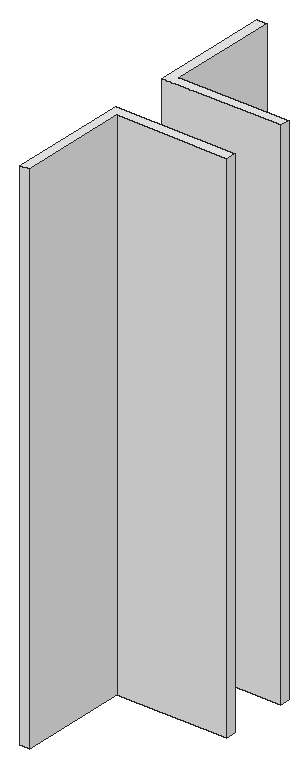
Revit family "M_Conexão de ângulo duplo-Todas soldas", category Conexões estruturais, Revit 2019
Family settings
  Material para o comportamento do modelo = Outros
  Número OmniClass = 23.20.40.11.21
  Título OmniClass = Mechanical Fasteners for Metal Structures
  ID de item do Seek = Double Angle Connection-All Weld-0000-CAN-ENU
  Com base no plano de trabalho = Não
  Ativar corte em vistas = Não
  Sempre na vertical = Sim
  Corte com vazios quando carregada = Não
  Compartilhado = Não
Parameters (values of type "L102X102X7.9")
  Weld A Size [instance] = 8 mm
  Espessura da teia [instance] = 50 mm
  L [instance] = 445 mm
  Angle Size = M_Ângulo em L-Conector : L102X102X7.9
Reference planes
  plane 1 "Centro (Frente/Trás)": y = 0
  plane 2: z = -445
  plane 3 "Centro (Esquerda/Direita)": x = 0
  plane 4 "F": y = -25
  plane 5 "R": y = 25
  plane 6: z = 0
  plane 7: x = 12.7
  plane 8: y = 37.7
  plane 9: y = -37.7
Lines and regions (mm)
  model lines, style "Soldar", detail levels medium+fine
    curve 1: line (12.7, -25, 0) -> (102, -25, 0)
    curve 2: line (102, -25, 0) -> (102, -25, -445)
    curve 3: line (102, -25, -445) -> (12.7, -25, -445)
    curve 4: line (12.7, 25, 0) -> (102, 25, 0)
    curve 5: line (102, 25, 0) -> (102, 25, -445)
    curve 6: line (102, 25, -445) -> (12.7, 25, -445)
  model lines, style "Soldar"
    curve 7: line (0, 37.7, 0) -> (0, 127, 0)
    curve 8: line (0, 127, 0) -> (0, 127, -445)
    curve 9: line (0, 127, -445) -> (0, 37.7, -445)
    curve 10: line (0, -37.7, 0) -> (0, -127, 0)
    curve 11: line (0, -127, 0) -> (0, -127, -445)
    curve 12: line (0, -127, -445) -> (0, -37.7, -445)
Dimensions and locks
  "Espessura da teia": plane 5 "R" to plane 4 "F"
  equal spacing: plane 5 "R", plane 1 "Centro (Frente/Trás)", plane 4 "F"
  "L": plane 6 to plane 2
  locked: plane 7 to plane 3 "Centro (Esquerda/Direita)" at 12.7
  locked: level to plane 6 at 0
  locked: plane 8 to plane 5 "R" at 12.7
  locked: plane 4 "F" to plane 9 at 12.7
  aligned and locked: plane 3 "Centro (Esquerda/Direita)" to nested 1
  aligned and locked: nested 1 to plane 5 "R"
  aligned and locked: nested 2 to plane 4 "F"
  aligned and locked: nested 2 to plane 3 "Centro (Esquerda/Direita)"
  aligned and locked: plane 6 to curve 1
  aligned and locked: curve 2 to nested 1
  aligned and locked: nested 1 to curve 5
  aligned and locked: curve 6 to plane 2
  aligned and locked: plane 6 to curve 4
  aligned and locked: plane 7 to curve 1
  aligned and locked: plane 7 to curve 3
  aligned and locked: plane 7 to curve 6
  aligned and locked: plane 7 to curve 4
  aligned and locked: nested 2 to plane 6
  aligned and locked: nested 1 to plane 6
  aligned and locked: curve 7 to nested 1
  aligned and locked: curve 9 to nested 1
  aligned and locked: plane 9 to curve 10
  aligned and locked: level to curve 10
  aligned and locked: curve 11 to nested 2
  aligned and locked: curve 12 to nested 2
  aligned and locked: curve 8 to nested 1
Automatic sketch dimensions
  curve 3 to plane 2 = 0 mm
  curve 12 to plane 9 = 0 mm
  curve 7 to plane 8 = 0 mm
  curve 9 to plane 8 = 0 mm
Nested families
  nested 1: "M_Ângulo em L-Conector" at (0, 25, -445), type <- "Angle Size", L <- "L", type "L102X102X7.9", detail levels medium+fine
    with L 445 mm, t 7.9 mm, d 102 mm, b 102 mm, W 0.119, A 0.002 m²
  nested 2: "M_Ângulo em L-Conector" at (0, -25, -445), type <- "Angle Size", L <- "L", type "L102X102X7.9", detail levels medium+fine
    with L 445 mm, t 7.9 mm, d 102 mm, b 102 mm, W 0.119, A 0.002 m²
Definition of nested family "M_Ângulo em L-Conector"
  Parameters
    t = 6.4 mm
    d = 76.2 mm
    b = 76.2 mm
    W = 0.071
    L [instance] = 445 mm
    Assembly Code = ""
    A = 0.001 m²
  Reference planes
    plane 1 "Centro (Frente/Trás)": y = 0
    plane 2: z = 0
    plane 3 "Centro (Esquerda/Direita)": x = 0
    plane 4: z = 445
  Forms (mm)
    Sweep 1, solid
      path origin (0, 0, 0) x (1, 0, 0) y (0, 0, 1)
        loop
          line (0, 445) -> (0, 0)
      profile "Perfil-Ângulo-L-Médio : Perfil-Ângulo-L-Médio" origin (0, 0, 222.5) x (1, 0, 0) y (0, -1, 0)
        loop
          line (0, -76.2) -> (6.4, -76.2) -> (6.4, -6.4) -> (76.2, -6.4) -> (76.2, 0) -> (0, 0) -> (0, -76.2)
  Dimensions and locks
    "L": plane 4 to plane 2
    aligned and locked: plane 4 to Sweep 1 sketch curve
    aligned and locked: Sweep 1 sketch curve to plane 3 "Centro (Esquerda/Direita)"
    aligned and locked: plane 2 to Sweep 1 sketch curve
